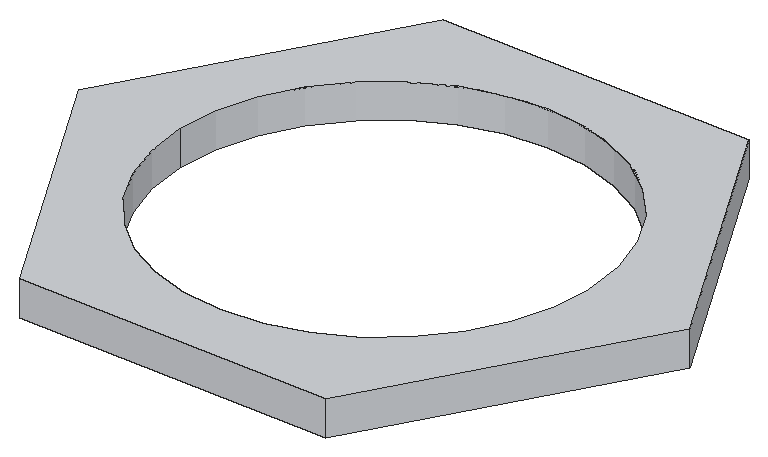
Revit family "LN3B", category Generic Models, Revit 2017
Family settings
  Can host rebar = No
  Round Connector Dimension = Use Diameter
  Part Type = Normal
  Work Plane-Based = Yes
  Always vertical = No
  Cut with Voids When Loaded = No
  Shared = No
  Room Calculation Point = No
Parameters (values of type "NBS Standard Parameters")
  WarrantyStartDate [instance] = "1900-12-31T23:59:59"
  WarrantyGuarantorParts = "n/a"
  WarrantyGuarantorLabor = "n/a"
  WarrantyDurationUnit = "1 year"
  WarrantyDurationParts = "n/a"
  WarrantyDurationLabor = "n/a"
  WarrantyDescription = "n/a"
  Version = "1"
  Uniclass2 = "Pr_65_70_11_20"
  TagNumber [instance] = "n/a"
  SustainabilityPerformance = "n/a"
  Size = "32mm"
  Shape = "Hexagon"
  SerialNumber [instance] = "n/a"
  Revision = "n/a"
  ReplacementCost = "n/a"
  ProductInformation = "www.metpro.co.uk/pdf/LN3G.pdf"
  NominalWidth = 41 mm
  NominalLength = 41 mm
  NominalHeight = 2.7 mm
  Name = ""
  NBSTypeID = ""
  NBSReference = "90-55-10/460"
  NBSOfficeMasterTag = ""
  NBSNote = ""
  NBSDescription = "Conduit Fittings"
  NBSCertification = ""
  ModelReference = "LN3B"
  ModelNumber = "n/a"
  Material = "Steel"
  ManufacturerURL = "www.metpro.co.uk"
  ManufacturerName = "Mettpro Ltd"
  Keynote = "Compliant To LU standard 1-085"
  InstallationDate [instance] = "1900-12-31T23:59:59"
  IfcExportType = ""
  IfcExportAs = ""
  Grade = "n/a"
  Finish = "Black"
  Features = "n/a"
  ExpectedLife = "n/a"
  DurationUnit = "year"
  Description = "LN3G   32mm Lock Nut  - Light Pattern"
  Default Elevation = 1219.2 mm
  Constituents = "n/a"
  Color = "n/a"
  CodePerformance = "n/a"
  Category = "n/a"
  BarCode [instance] = "n/a"
  BIMObjectName = "Metpro_Metprolibrary_Conduitfittings_Metalcomponents_Steelaccessories"
  Author = "Metpro Ltd"
  AssetType = ""
  AssetIdentifier [instance] = "n/a"
  AccessibilityPerformance = "n/a"
Reference planes
  plane 1 "Center (Front/Back)": y = 0
  plane 2: z = 0
  plane 3 "Center (Left/Right)": x = 0
Forms (mm)
  Extrusion 1, solid
    sketch origin (0, 0, 0) x (1, 0, 0) y (0, 1, 0)
      loop
        circle (10.04, 13.158) r 16
      loop
        line (-1.876, 33.797) -> (-13.792, 13.158) -> (-1.876, -7.481) -> (21.956, -7.481) -> (33.872, 13.158) -> (21.956, 33.797) -> (-1.876, 33.797)
    from 0 to 2.7
Dimensions and locks
  aligned and locked: level to plane 2
